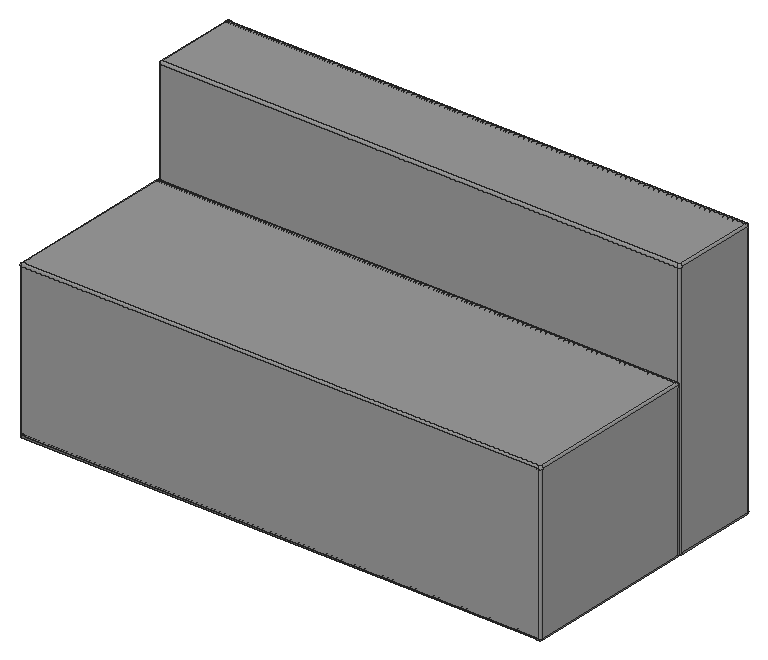
Revit family "TS1027 Elevate Wind 3 Seat Sofa", category Generic Models, Revit 2018
Family settings
  Can host rebar = No
  Round Connector Dimension = Use Diameter
  Part Type = Normal
  Work Plane-Based = No
  Always vertical = Yes
  Cut with Voids When Loaded = No
  Shared = No
  Room Calculation Point = No
Parameters
  Seat Fabric = TS1027 Sofa Seat Fabric
  Back Fabric = TS1027 Sofa Back Fabric
Reference planes (in)
  plane 1 "Center (Front/Back)": y = 0
  plane 2: z = 0
  plane 3 "Center (Left/Right)": x = 0
Forms (in)
  Sweep 1, solid, material "TS1027 Sofa Back Fabric" <- "Back Fabric"
    path origin (0, 0, 0) x (0, 1, 0) y (0, 0, 1)
      loop
        line (4.73021, 29.75) -> (-4.73021, 29.75)
        arc (-4.73021, 29.75) -> (-4.7442, 29.7442) -> (-4.75, 29.73021) r 0.01979
        line (-4.75, 29.73021) -> (-4.75, 0.26979)
        arc (-4.75, 0.26979) -> (-4.7442, 0.2558) -> (-4.73021, 0.25) r 0.01979
        line (-4.73021, 0.25) -> (4.73021, 0.25)
        arc (4.73021, 0.25) -> (4.7442, 0.2558) -> (4.75, 0.26979) r 0.01979
        line (4.75, 0.26979) -> (4.75, 29.73021)
        arc (4.75, 29.73021) -> (4.7442, 29.7442) -> (4.73021, 29.75) r 0.01979
    profile origin (0, 0, 29.75) x (0, 0, -1) y (1, 0, 0)
      loop
        line (0, -30) -> (0, 30)
        arc (0, 30) -> (-0.17678, 29.92678) -> (-0.25, 29.75) r 0.25
        line (-0.25, 29.75) -> (-0.25, -29.75)
        arc (-0.25, -29.75) -> (-0.17678, -29.92678) -> (0, -30) r 0.25
  Extrusion 2, solid, material "TS1027 Sofa Back Fabric" <- "Back Fabric"
    sketch origin (0, 0, 0) x (0, 1, 0) y (0, 0, 1)
      loop
        arc (4.73021, 0.25) -> (4.7442, 0.2558) -> (4.75, 0.26979) r 0.01979
        line (4.75, 0.26979) -> (4.75, 29.73021)
        arc (4.75, 29.73021) -> (4.7442, 29.7442) -> (4.73021, 29.75) r 0.01979
        line (4.73021, 29.75) -> (-4.73021, 29.75)
        arc (-4.73021, 29.75) -> (-4.7442, 29.7442) -> (-4.75, 29.73021) r 0.01979
        line (-4.75, 29.73021) -> (-4.75, 0.26979)
        arc (-4.75, 0.26979) -> (-4.7442, 0.2558) -> (-4.73021, 0.25) r 0.01979
        line (-4.73021, 0.25) -> (4.73021, 0.25)
    from -30 to 30
  Sweep 3, solid, material "TS1027 Sofa Seat Fabric" <- "Seat Fabric"
    path origin (0, -20, 0) x (0, 1, 0) y (0, 0, 1)
      loop
        line (14.73021, 17.75) -> (-4.73021, 17.75)
        arc (-4.73021, 17.75) -> (-4.7442, 17.7442) -> (-4.75, 17.73021) r 0.01979
        line (-4.75, 17.73021) -> (-4.75, 0.26979)
        arc (-4.75, 0.26979) -> (-4.7442, 0.2558) -> (-4.73021, 0.25) r 0.01979
        line (-4.73021, 0.25) -> (14.73021, 0.25)
        arc (14.73021, 0.25) -> (14.7442, 0.2558) -> (14.75, 0.26979) r 0.01979
        line (14.75, 0.26979) -> (14.75, 17.73021)
        arc (14.75, 17.73021) -> (14.7442, 17.7442) -> (14.73021, 17.75) r 0.01979
    profile origin (0, -15, 17.75) x (0, 0, -1) y (1, 0, 0)
      loop
        line (0, -30) -> (0, 30)
        arc (0, 30) -> (-0.17678, 29.92678) -> (-0.25, 29.75) r 0.25
        line (-0.25, 29.75) -> (-0.25, -29.75)
        arc (-0.25, -29.75) -> (-0.17678, -29.92678) -> (0, -30) r 0.25
  Extrusion 4, solid, material "TS1027 Sofa Seat Fabric" <- "Seat Fabric"
    sketch origin (0, -20, 0) x (0, 1, 0) y (0, 0, 1)
      loop
        arc (14.73021, 0.25) -> (14.7442, 0.2558) -> (14.75, 0.26979) r 0.01979
        line (14.75, 0.26979) -> (14.75, 17.73021)
        arc (14.75, 17.73021) -> (14.7442, 17.7442) -> (14.73021, 17.75) r 0.01979
        line (14.73021, 17.75) -> (-4.73021, 17.75)
        arc (-4.73021, 17.75) -> (-4.7442, 17.7442) -> (-4.75, 17.73021) r 0.01979
        line (-4.75, 17.73021) -> (-4.75, 0.26979)
        arc (-4.75, 0.26979) -> (-4.7442, 0.2558) -> (-4.73021, 0.25) r 0.01979
        line (-4.73021, 0.25) -> (14.73021, 0.25)
    from -30 to 30
Dimensions and locks (in)
  aligned and locked: plane 2 to level
